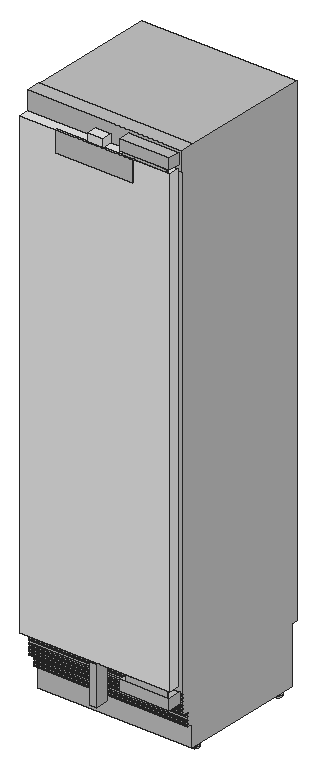
Revit family "FP_Revit_18_RS2484FRJ1_Freezer_90001057A", category Specialty Equipment, Revit 2018
Family settings
  Round Connector Dimension = Use Diameter
  Part Type = Normal
  OmniClass Number = 23.40.40.11.11
  OmniClass Title = Refrigerators and Freezers
  Work Plane-Based = No
  Always vertical = Yes
  Cut with Voids When Loaded = Yes
  Shared = No
  Room Calculation Point = No
Parameters (values of type "RS2484FRJ1")
  Visibility - Water Connection = yes
  Visibility - Visibility Control Note = yes
  Visibility - Clearance Required = yes
  URL = "www.fisherpaykel.com"
  Stainless Steel Door Panels (RD2484R4D) = no
  Product - Width = 603 mm  # constant formula
  Product - Height = 2134 mm  # constant formula
  Product - Depth (exl front panel) = 610 mm  # constant formula
  Model = "RS2484FRJ1"
  Material - Handle = Fisher & Paykel - Aluminium
  Material - Door Structure = Fisher & Paykel - White
  Material - Door Front = Fisher & Paykel - Stainless Steel
  Material - Body = Fisher & Paykel - Grey
  Manufacturer = "Fisher & Paykel Appliances"
  Handle Style - Professional Square (AHV2-RD84) = no
  Handle Style - Professional Round (AHC-RD84) = no
  Handle Style - Contemporary Square (AHD3-RD84) = no
  Handle Style - Contemporary Round (AHS-RD84) = no
  Description = "24\" Integrated Column Freezer with internal ice maker, white interior"
  Connector Description - Water = "1/4\" (6mm) comp. stainless steel braided hose"
  Connector Description - Electrical = "120 V, 10 amp fused electrical supply"
  Cavity - Width = 610 mm  # constant formula
  Cavity - Height = 2134 mm  # constant formula
  Cavity - Depth = 635 mm  # constant formula
Types (3, lengths in mm): name | Model | Description
  (no name) | "RS2484FRJ1" | "24\" Integrated Column Freezer with internal ice maker, white interior"
  RS2484FRJK1 | "RS2484FRJK1" | "24\" Integrated Column Freezer with internal ice maker, stainless steel interior"
  RS2484FRJ1 | "RS2484FRJ1" | "24\" Integrated Column Freezer with internal ice maker, white interior"
Reference planes
  plane 1 "Datum": y = 0
  plane 2: z = 0
  plane 3 "Center (Left/Right)": x = 0
  plane 4 "Product LHS": x = -301.5
  plane 5 "Product RHS": x = 301.5
  plane 6 "Product - Depth": y = 610
  plane 7 "Cavity LHS": x = -305
  plane 8 "Cavity RHS": x = 305
  plane 9 "Cavity - Depth": y = 612.9
  plane 10 "Handle Offset": x = -238.5
  plane 11 "Product Height": z = 2134
  plane 12 "Cavity Height": z = 2134
  plane 13 "Door Panel Datum": y = -4.1
Forms (mm)
  Extrusion 1, solid, material "Fisher & Paykel - Grey" <- "Material - Body", detail levels fine
    sketch origin (0, 0, 0) x (0, 1, 0) y (0, 0, 1)
      loop
        line (100.1, 19.1) -> (587.9, 19.1) -> (587.9, 239.7) -> (610, 239.7) -> (610, 2131.9) -> (105.1, 2131.9) -> (105.1, 2134) -> (49.9, 2134) -> (49.9, 2059) -> (56, 2059) -> (56, 228.6) -> (59.5, 228.6) -> (59.5, 219.7) -> (56.5, 219.7) -> (56.5, 215.9) -> (59.5, 215.9) -> (59.5, 207) -> (56.5, 207) -> (56.5, 203.2) -> (59.5, 203.2) -> (59.5, 194.3) -> (56.5, 194.3) -> (56.5, 190.5) -> (59.5, 190.5) -> (59.5, 181.6) -> (56.5, 181.6) -> (56.5, 177.8) -> (59.5, 177.8) -> (59.5, 168.9) -> (56.5, 168.9) -> (56.5, 165.1) -> (59.5, 165.1) -> (59.5, 156.2) -> (56.5, 156.2) -> (56.5, 152.4) -> (84.1, 152.4) -> (84.1, 143.5) -> (81.1, 143.5) -> (81.1, 139.7) -> (84.1, 139.7) -> (84.1, 130.8) -> (81.1, 130.8) -> (81.1, 127) -> (84.1, 127) -> (84.1, 118.1) -> (81.1, 118.1) -> (81.1, 114.3) -> (84.1, 114.3) -> (84.1, 105.4) -> (81.1, 105.4) -> (81.1, 101.6) -> (100.1, 101.6) -> (100.1, 19.1)
    from -301.5 to 301.5
  Extrusion 2, solid, material "Fisher & Paykel - Grey" <- "Material - Body"
    sketch origin (0, 0, 0) x (1, 0, 0) y (0, 1, 0)
      loop
        circle (-281, 547.8) r 4.1
      loop
        circle (-281, 141.8) r 4.1
      loop
        circle (281, 547.8) r 4.1
      loop
        circle (281, 141.8) r 4.1
    from 3 to 19.1
  Extrusion 3, solid, material "Fisher & Paykel - Grey" <- "Material - Body"
    sketch origin (0, 0, 0) x (1, 0, 0) y (0, 1, 0)
      loop
        circle (-281, 547.8) r 14.5
      loop
        circle (-281, 141.8) r 14.555
      loop
        circle (281, 547.8) r 14.5
      loop
        circle (281, 141.8) r 14.555
    from 0 to 3
  Extrusion 4, solid, material "Fisher & Paykel - Grey" <- "Material - Body", detail levels fine
    sketch origin (0, 0, 0) x (1, 0, 0) y (0, 1, 0)
      loop
        line (-7.5, 49) -> (-13.797, -4.1) -> (13.797, -4.1) -> (7.5, 49) -> (-7.5, 49)
    from 104.2 to 254.2
  Extrusion 5, solid, material "Fisher & Paykel - Grey" <- "Material - Body", detail levels fine
    sketch origin (0, 0, 0) x (1, 0, 0) y (0, 0, 1)
      loop
        line (289.9, 2123.15) -> (95.42, 2123.15) -> (95.42, 2081.05) -> (289.9, 2081.05) -> (289.9, 2123.15)
    from -49 to -2.5
  Extrusion 6, solid, material "Fisher & Paykel - Grey" <- "Material - Body", detail levels fine
    sketch origin (0, 0, 0) x (0, 1, 0) y (0, 0, 1)
      loop
        line (0, 2070.6) -> (0, 1988.6) -> (2, 1988.6) -> (2, 2068.6) -> (4, 2068.6) -> (4, 2070.6) -> (0, 2070.6)
    from -150 to 150
  Extrusion 7, solid, material "Fisher & Paykel - Grey" <- "Material - Body"
    sketch origin (0, 0, 0) x (1, 0, 0) y (0, 0, 1)
      loop
        circle (226.5, 119.813) r 5
      loop
        circle (-226.5, 119.813) r 5
    from -590 to -587.9
  Extrusion 8, solid, material "Fisher & Paykel - White" <- "Material - Door Structure"
    sketch origin (0, 0, 0) x (1, 0, 0) y (0, 1, 0)
      loop
        line (-276.5, 56) -> (-276.5, 42) -> (276.5, 42) -> (276.5, 56) -> (-276.5, 56)
    from 269.6 to 2030.7
  Extrusion 9, solid, material "Fisher & Paykel - White" <- "Material - Door Structure"
    sketch origin (0, 0, 0) x (1, 0, 0) y (0, 1, 0)
      loop
        line (-292.9, 42) -> (-292.9, 3) -> (292.9, 3) -> (292.9, 42) -> (-292.9, 42)
    from 254.2 to 2068.6
  Extrusion 10, solid, material "Fisher & Paykel - White" <- "Material - Door Structure", detail levels fine
    sketch origin (0, 0, 0) x (1, 0, 0) y (0, 0, 1)
      loop
        line (-29.5, 2100.1) -> (-29.5, 2068.6) -> (29.5, 2068.6) -> (29.5, 2100.1) -> (-29.5, 2100.1)
    from -42 to -3
  Extrusion 11, solid, material "Fisher & Paykel - Stainless Steel" <- "Material - Door Front", visible <- "Stainless Steel Door Panels (RD2484R4D)"
    sketch origin (0, 0, 0) x (0, 1, 0) y (0, 0, 1)
      loop
        line (-22.1, 2130.8) -> (-22.1, 102) -> (-4.1, 102) -> (-4.1, 2130.8) -> (-22.1, 2130.8)
    from -301.5 to 301.5
  Extrusion 12, solid, material "Fisher & Paykel - Grey" <- "Material - Body", detail levels coarse+medium
    sketch origin (0, 0, 0) x (0, 1, 0) y (0, 0, 1)
      loop
        line (49.9, 2134) -> (49.9, 2059) -> (56, 2059) -> (56, 152.4) -> (81.1, 152.4) -> (81.1, 101.6) -> (100.1, 101.6) -> (100.1, 19.1) -> (587.9, 19.1) -> (587.9, 239.7) -> (610, 239.7) -> (610, 2134) -> (49.9, 2134)
    from -301.5 to 301.5
  Extrusion 13, solid, material "Fisher & Paykel - Clearance Required", visible <- "Visibility - Clearance Required", detail levels coarse
    sketch origin (0, 0, 0) x (1, 0, 0) y (0, 1, 0)
      loop
        arc (-301.5, -22.1) -> (-13.376, -547.171) -> (584.28, -586.183) r 622.5
        line (584.28, -586.183) -> (565.051, -544.946) -> (589.549, -533.523)
        arc (589.549, -533.523) -> (598.013, -510.267) -> (574.757, -501.802) r 17.5
        line (574.757, -501.802) -> (550.259, -513.225) -> (329.441, -39.678)
        arc (329.441, -39.678) -> (310.616, -38.605) -> (301.5, -22.1) r 19.5
        line (301.5, -22.1) -> (-301.5, -22.1)
    from 0 to 2134
  Extrusion 14, solid, material "Fisher & Paykel - Grey" <- "Material - Body", detail levels fine
    sketch origin (0, 0, 0) x (1, 0, 0) y (0, 0, 1)
      loop
        line (289.9, 187.65) -> (289.9, 229.75) -> (95.42, 229.75) -> (95.42, 187.65) -> (289.9, 187.65)
    from -56 to -2.5
  Extrusion 15, solid, material "Fisher & Paykel - Grey" <- "Material - Body", detail levels fine
    sketch origin (0, 0, -4) x (0, 1, 0) y (0, 0, 1)
      loop
        arc (163.888, 23.1) -> (180.4, 13.63) -> (196.912, 23.1) r 19.13
        line (196.912, 23.1) -> (163.888, 23.1)
      loop
        arc (493.888, 23.1) -> (510.4, 13.63) -> (526.912, 23.1) r 19.13
        line (526.912, 23.1) -> (493.888, 23.1)
    from 191 to 219
  Extrusion 16, solid, material "Fisher & Paykel - Grey" <- "Material - Body", detail levels fine
    sketch origin (0, 0, -4) x (0, 1, 0) y (0, 0, -1)
      loop
        line (163.888, -23.1) -> (196.912, -23.1)
        arc (196.912, -23.1) -> (180.4, -13.63) -> (163.888, -23.1) r 19.13
      loop
        line (493.888, -23.1) -> (526.912, -23.1)
        arc (526.912, -23.1) -> (510.4, -13.63) -> (493.888, -23.1) r 19.13
    from 191 to 219
  Extrusion 17, solid, material "Fisher & Paykel - Clearance Required", visible <- "Visibility - Clearance Required", detail levels coarse
    sketch origin (0, 0, 0) x (1, 0, 0) y (0, 1, 0)
      loop
        line (-305, 612.9) -> (-305, -4.1) -> (305, -4.1) -> (305, 612.9) -> (-305, 612.9)
    from 0 to 2134
  Extrusion 18, void
    sketch origin (0, 0, 0) x (1, 0, 0) y (0, 1, 0)
      loop
        line (-305, 612.9) -> (-305, -22.1) -> (305, -22.1) -> (305, 612.9) -> (-305, 612.9)
    from 0 to 2134
  Extrusion 19, solid, material "Fisher & Paykel - Grey" <- "Material - Body", detail levels fine
    sketch origin (0, 0, 0) x (1, 0, 0) y (0, 0, 1)
      loop
        line (118.4, 254.2) -> (118.4, 229.75) -> (282.9, 229.75) -> (282.9, 254.2) -> (118.4, 254.2)
      loop
        line (106, 2081.05) -> (106, 2068.6) -> (282.9, 2068.6) -> (282.9, 2076.05) -> (242.9, 2081.05) -> (106, 2081.05)
    from -7 to -4
Lines and regions (mm)
  model lines, style "Fisher & Paykel"
    curve 1: line (-301.5, -4.1, 2130.8) -> (301.5, -4.1, 2130.8)
    curve 2: line (-301.5, -4.1, 102) -> (-301.5, -4.1, 2130.8)
    curve 3: line (301.5, -4.1, 102) -> (-301.5, -4.1, 102)
    curve 4: line (301.5, -4.1, 2130.8) -> (301.5, -4.1, 102)
Text (mm)
  text "Due to ongoing product development, product details are subject to change without notice. \nPlease always refer to www.fisherpaykel.com for the most current product information. \n© Fisher & Paykel 2020" at (41.04, -678.295, 0), in view "Ref. Level (Plan)"
Dimensions and locks
  equal spacing: plane 4 "Product LHS", plane 3 "Center (Left/Right)", plane 5 "Product RHS"
  "Product - Width": plane 4 "Product LHS" to plane 5 "Product RHS"
  "Product - Depth (exl front panel)": plane 1 "Datum" to plane 6 "Product - Depth"
  equal spacing: plane 7 "Cavity LHS", plane 3 "Center (Left/Right)", plane 8 "Cavity RHS"
  "Cavity - Width": plane 7 "Cavity LHS" to plane 8 "Cavity RHS"
  plane 4 "Product LHS" to Extrusion 2 sketch curve = 24.6 mm
  plane 4 "Product LHS" to plane 10 "Handle Offset" = 63 mm
  Extrusion 7 sketch curve to Extrusion 1 = 119.887 mm  (x2)
  Extrusion 7 sketch curve to plane 5 "Product RHS" = 75 mm
  plane 4 "Product LHS" to Extrusion 7 sketch curve = 75 mm
  Extrusion 1 sketch curve to Extrusion 1 sketch curve = 82.5 mm
  Extrusion 1 sketch curve to Extrusion 1 sketch curve = 209.5 mm
  Extrusion 3 to level = 3 mm
  Extrusion 12 to Extrusion 9 = 235.1 mm
  Extrusion 12 to Extrusion 8 = 250.5 mm
  Extrusion 12 to Extrusion 12 = 2114.9 mm
  Extrusion 12 to Extrusion 11 = 82.9 mm
  "Product - Height": level to plane 11 "Product Height"
  plane 11 "Product Height" to Extrusion 11 = 3.2 mm
  Extrusion 9 to plane 11 "Product Height" = 65.4 mm
  Extrusion 8 to plane 11 "Product Height" = 103.3 mm
  Extrusion 12 sketch curve to plane 11 "Product Height" = 75 mm
  Extrusion 1 sketch curve to plane 11 "Product Height" = 2.1 mm
  Extrusion 1 sketch curve to plane 11 "Product Height" = 75 mm
  "Cavity - Height": plane 12 "Cavity Height" to level
  plane 1 "Datum" to Extrusion 17 = 612.9 mm
  plane 1 "Datum" to Extrusion 18 = 612.9 mm
  Extrusion 19 sketch curve to Extrusion 19 sketch curve = 40 mm
  Extrusion 19 sketch curve to plane 3 "Center (Left/Right)" = 106 mm
  Extrusion 19 sketch curve to Extrusion 19 sketch curve = 176.9 mm
  Extrusion 19 sketch curve to plane 3 "Center (Left/Right)" = 118.4 mm
  plane 3 "Center (Left/Right)" to Extrusion 19 sketch curve = 282.9 mm
  Extrusion 18 to plane 1 "Datum" = 22.1 mm
  "Cavity - Depth": plane 9 "Cavity - Depth" to Extrusion 18
  radius of Extrusion 7 sketch curve = 5 mm
  aligned and locked: level to plane 2
  aligned and locked: Extrusion 11 to plane 5 "Product RHS"
  aligned and locked: plane 4 "Product LHS" to Extrusion 11
  aligned and locked: Extrusion 12 to plane 5 "Product RHS"
  aligned and locked: Extrusion 12 to plane 4 "Product LHS"
  aligned and locked: Extrusion 12 sketch curve to plane 11 "Product Height"
  aligned and locked: plane 11 "Product Height" to Extrusion 1 sketch curve
  aligned and locked: Extrusion 15 sketch curve to Extrusion 15 sketch curve
  aligned and locked: Extrusion 16 sketch curve to Extrusion 16 sketch curve
  aligned and locked: Extrusion 17 to Extrusion 13
  aligned and locked: Extrusion 18 to Extrusion 13
  aligned and locked: Extrusion 1 to plane 5 "Product RHS"
  aligned and locked: plane 4 "Product LHS" to Extrusion 1
  aligned and locked: Extrusion 2 to Extrusion 1
  aligned and locked: nested 5 to plane 10 "Handle Offset"
  aligned and locked: nested 4 to plane 10 "Handle Offset"
  aligned and locked: nested 3 to plane 10 "Handle Offset"
  aligned and locked: nested 2 to plane 10 "Handle Offset"
Automatic sketch dimensions
  Extrusion 2 sketch curve to plane 4 "Product LHS" = 20.5 mm  (x2)
  plane 5 "Product RHS" to Extrusion 2 sketch curve = 20.5 mm  (x2)
  Extrusion 2 sketch curve to plane 1 "Datum" = 141.8 mm  (x2)
  Extrusion 2 sketch curve to plane 6 "Product - Depth" = 62.2 mm  (x2)
  Extrusion 3 sketch curve to plane 4 "Product LHS" = 20.5 mm  (x2)
  plane 5 "Product RHS" to Extrusion 3 sketch curve = 20.5 mm  (x2)
  Extrusion 3 sketch curve to plane 1 "Datum" = 141.8 mm  (x2)
  Extrusion 3 sketch curve to plane 6 "Product - Depth" = 62.2 mm  (x2)
  plane 1 "Datum" to Extrusion 4 sketch curve = 4.1 mm
  Extrusion 4 sketch curve to plane 3 "Center (Left/Right)" = 13.797 mm
  Extrusion 4 sketch curve to plane 3 "Center (Left/Right)" = 7.5 mm
  plane 3 "Center (Left/Right)" to Extrusion 4 sketch curve = 7.5 mm
  plane 3 "Center (Left/Right)" to Extrusion 4 sketch curve = 13.797 mm
  Extrusion 4 sketch curve to plane 1 "Datum" = 49 mm
  plane 11 "Product Height" to Extrusion 5 sketch curve = 10.85 mm
  plane 3 "Center (Left/Right)" to Extrusion 5 sketch curve = 95.42 mm
  plane 5 "Product RHS" to Extrusion 5 sketch curve = 11.6 mm
  Extrusion 5 sketch curve to Extrusion 5 sketch curve = 42.1 mm
  Extrusion 6 sketch curve to plane 1 "Datum" = 0 mm
  Extrusion 6 sketch curve to plane 1 "Datum" = 2 mm
  Extrusion 6 sketch curve to Extrusion 6 sketch curve = 2 mm  (x2)
  plane 11 "Product Height" to Extrusion 6 sketch curve = 145.4 mm
  plane 11 "Product Height" to Extrusion 6 sketch curve = 65.4 mm
  Extrusion 8 sketch curve to plane 4 "Product LHS" = 25 mm
  plane 5 "Product RHS" to Extrusion 8 sketch curve = 25 mm
  Extrusion 8 sketch curve to plane 1 "Datum" = 42 mm
  Extrusion 8 sketch curve to Extrusion 8 sketch curve = 14 mm
  Extrusion 9 sketch curve to plane 1 "Datum" = 3 mm
  Extrusion 9 sketch curve to plane 4 "Product LHS" = 8.6 mm
  plane 5 "Product RHS" to Extrusion 9 sketch curve = 8.6 mm
  Extrusion 9 sketch curve to Extrusion 9 sketch curve = 39 mm
  Extrusion 10 sketch curve to plane 3 "Center (Left/Right)" = 29.5 mm
  plane 3 "Center (Left/Right)" to Extrusion 10 sketch curve = 29.5 mm
  plane 11 "Product Height" to Extrusion 10 sketch curve = 65.4 mm
  Extrusion 10 sketch curve to Extrusion 10 sketch curve = 31.5 mm
  plane 1 "Datum" to Extrusion 11 sketch curve = 22.1 mm
  plane 1 "Datum" to Extrusion 11 sketch curve = 4.1 mm
  level to Extrusion 11 sketch curve = 102 mm
  plane 11 "Product Height" to Extrusion 11 sketch curve = 3.2 mm
  Extrusion 13 sketch curve to Extrusion 13 sketch curve = 0 mm  (x2)
  Extrusion 13 sketch curve to plane 4 "Product LHS" = 0 mm
  Extrusion 13 sketch curve to plane 5 "Product RHS" = 0 mm
  Extrusion 13 sketch curve to plane 8 "Cavity RHS" = 16 mm
  Extrusion 13 sketch curve to Extrusion 13 sketch curve = 8.441 mm
  Extrusion 13 sketch curve to plane 8 "Cavity RHS" = 245.259 mm
  Extrusion 13 sketch curve to Extrusion 13 sketch curve = 14.792 mm
  Extrusion 13 sketch curve to Extrusion 13 sketch curve = 24.498 mm
  Extrusion 13 sketch curve to Extrusion 13 sketch curve = 7.396 mm  (x2)
  Extrusion 13 sketch curve to Extrusion 13 sketch curve = 19.229 mm
  plane 1 "Datum" to Extrusion 13 sketch curve = 586.183 mm
  Extrusion 13 sketch curve to Extrusion 13 sketch curve = 41.237 mm
  Extrusion 13 sketch curve to Extrusion 13 sketch curve = 15.86 mm
  plane 3 "Center (Left/Right)" to Extrusion 14 sketch curve = 95.42 mm
  plane 5 "Product RHS" to Extrusion 14 sketch curve = 11.6 mm
  level to Extrusion 14 sketch curve = 187.65 mm
  Extrusion 14 sketch curve to Extrusion 14 sketch curve = 42.1 mm
  Extrusion 15 sketch curve to plane 1 "Datum" = 163.888 mm
  Extrusion 15 sketch curve to Extrusion 15 sketch curve = 16.512 mm  (x2)
  Extrusion 15 sketch curve to plane 6 "Product - Depth" = 116.112 mm
  Extrusion 15 sketch curve to Extrusion 15 sketch curve = 9.66 mm  (x2)
  Extrusion 16 sketch curve to plane 1 "Datum" = 163.888 mm
  Extrusion 16 sketch curve to Extrusion 16 sketch curve = 16.512 mm  (x2)
  Extrusion 16 sketch curve to plane 6 "Product - Depth" = 116.112 mm
  Extrusion 16 sketch curve to Extrusion 16 sketch curve = 9.66 mm  (x2)
  Extrusion 17 sketch curve to plane 7 "Cavity LHS" = 0 mm
  Extrusion 17 sketch curve to plane 8 "Cavity RHS" = 0 mm
  Extrusion 17 sketch curve to plane 9 "Cavity - Depth" = 0 mm
  plane 1 "Datum" to Extrusion 17 sketch curve = 4.1 mm
  Extrusion 18 sketch curve to plane 7 "Cavity LHS" = 0 mm
  Extrusion 18 sketch curve to plane 8 "Cavity RHS" = 0 mm
  plane 9 "Cavity - Depth" to Extrusion 18 sketch curve = 0 mm
  plane 1 "Datum" to Extrusion 18 sketch curve = 22.1 mm
  level to Extrusion 19 sketch curve = 229.75 mm
  Extrusion 19 sketch curve to Extrusion 19 sketch curve = 24.45 mm
  plane 11 "Product Height" to Extrusion 19 sketch curve = 65.4 mm
  Extrusion 19 sketch curve to Extrusion 19 sketch curve = 7.45 mm
  Extrusion 19 sketch curve to Extrusion 19 sketch curve = 5 mm
  Extrusion 12 sketch curve to plane 6 "Product - Depth" = 0 mm
  Extrusion 12 sketch curve to plane 6 "Product - Depth" = 22.1 mm
  Extrusion 12 sketch curve to plane 1 "Datum" = 100.1 mm
  Extrusion 12 sketch curve to Extrusion 12 sketch curve = 19 mm
  Extrusion 12 sketch curve to plane 1 "Datum" = 56 mm
  Extrusion 12 sketch curve to plane 1 "Datum" = 49.9 mm
  level to Extrusion 12 sketch curve = 152.4 mm
  Extrusion 12 sketch curve to Extrusion 12 sketch curve = 50.8 mm
  level to Extrusion 12 sketch curve = 19.1 mm
  Extrusion 12 sketch curve to Extrusion 12 sketch curve = 220.6 mm
  level to Extrusion 15 sketch curve = 19.1 mm
  level to Extrusion 16 sketch curve = 28.76 mm
  Extrusion 1 sketch curve to plane 6 "Product - Depth" = 0 mm
  Extrusion 1 sketch curve to Extrusion 1 sketch curve = 22.1 mm
  Extrusion 1 sketch curve to plane 1 "Datum" = 105.1 mm
  level to Extrusion 1 sketch curve = 19.1 mm
  Extrusion 1 sketch curve to plane 1 "Datum" = 100.1 mm
  Extrusion 1 sketch curve to Extrusion 1 sketch curve = 16 mm
  Extrusion 1 sketch curve to Extrusion 1 sketch curve = 0 mm  (x8)
  Extrusion 1 sketch curve to Extrusion 1 sketch curve = 3 mm  (x10)
  Extrusion 1 sketch curve to plane 1 "Datum" = 59.5 mm
  Extrusion 1 sketch curve to plane 1 "Datum" = 56 mm
  Extrusion 1 sketch curve to plane 1 "Datum" = 49.9 mm
  Extrusion 1 sketch curve to Extrusion 1 sketch curve = 3.8 mm  (x10)
  Extrusion 1 sketch curve to Extrusion 1 sketch curve = 8.9 mm  (x9)
  Extrusion 1 sketch curve to Extrusion 1 sketch curve = 220.6 mm
  plane 5 "Product RHS" to curve 1 = 0 mm
  plane 4 "Product LHS" to curve 3 = 0 mm
  level to curve 3 = 102 mm
  plane 11 "Product Height" to curve 2 = 3.2 mm
  radius of Extrusion 2 sketch curve = 4.1 mm  (x3)
  radius of Extrusion 3 sketch curve = 14.5 mm  (x2)
  radius of Extrusion 3 sketch curve = 14.555 mm  (x2)
  radius of Extrusion 7 sketch curve = 5 mm
Nested families
  nested 1: "Visibility Control Note 18" at (0, 0, 0), visible <- "Visibility - Visibility Control Note", type "Visibility Control Note 18"
  nested 2: "Handle Contemporary Round - Vertical" at (-238.5, -22.1, 1242.58), visible <- "Handle Style - Contemporary Round (AHS-RD84)", type "AHS-RD84 - Contemporary round handle (Vertical) 852mm"
  nested 3: "Handle Contemporary Square - Vertical" at (-238.5, -22.1, 1242.58), visible <- "Handle Style - Contemporary Square (AHD3-RD84)", type "AHD3-RD84 - Contemporary square handle (Vertical) 852mm"
  nested 4: "Handle Professional Round - Vertical" at (-238.5, -22.1, 1242.58), visible <- "Handle Style - Professional Round (AHC-RD84)", type "AHC-RD84 - Professional round handle (Vertical) 786mm"
  nested 5: "Handle Professional Square - Vertical" at (-238.5, -22.1, 1242.58), visible <- "Handle Style - Professional Square (AHV2-RD84)", type "AHV2-RD84 - Professional square handle (Vertical) 792mm"
Connectors
  electrical at (-226.5, 590, 119.813), driven by "Connector Description - Electrical"
    settings: on Extrusion 7, index 1, voltage 120 V, apparent load 0 VA, apparent load phase1 0 VA, apparent load phase2 0 VA, apparent load phase3 0 VA, power factor 1, load classification "Other", number of poles 1, system type 30, power factor state 1, is connector primary yes, connector utility no, sub classification motor no, connector description "120 V, 10 amp fused electrical supply"
  piping at (226.5, 590, 119.813), diameter 12.7, driven by "Visibility - Water Connection", driven by "Connector Description - Water"
    settings: on Extrusion 7, index 2, connector inside diameter 609.6 mm, connector length 0 mm, flow factor 0, pipe flow 0.0 L/s, pressure drop 0.0 Pa, fitting loss kfactor 0, connector angle 0.00°, fixture units 0, engagement length 0 mm, angle of deflection 0.00°, flow configuration 0, flow direction 1, fitting loss method 0, system type 20, joint type 0, gender type 0, connector reference index -1, connector utility 1, adjustable connector no, is connector primary yes, connector description "1/4\" (6mm) comp. stainless steel braided hose"
Definition of nested family "Handle Contemporary Round - Vertical"
  Parameters (values of type "AHSRS80A - Contemporary round handle (1 of 2) (Vertical) 727mm")
    URL = "www.fisherpaykel.com"
    Material - Handle = none
    Manufacturer = "Fisher & Paykel Appliances"
    Handle - Length = 727 mm
  Types (6, lengths in mm): name | Handle - Length
    AHS-RD21 - Contemporary round handle (Vertical) 852mm | 852
    AHSRD2484W - Contemporary round handle (1 of 2) (Vertical) 727mm | 727
    AHSRD3084W - Contemporary round handle (1 of 2) (Vertical) 727mm | 727
    AHS-RD84 - Contemporary round handle (Vertical) 852mm | 852
    AHSRS3272A - Contemporary round handle (1 of 2) (Vertical) 727mm | 727
    AHSRS80A - Contemporary round handle (1 of 2) (Vertical) 727mm | 727
  Reference planes
    plane 1 "Center (Front/Back)": y = 0
    plane 2: z = 0
    plane 3 "Center (Left/Right)": x = 0
    plane 4 "Top": z = 363.5
    plane 5 "Bottom": z = -363.5
    plane 6 "Top Standoff": z = 243.5
    plane 7 "Bottom Standoff": z = -243.5
  Forms (mm)
    Extrusion 1, solid, material <- "Material - Handle"
      sketch origin (0, 0, 0) x (1, 0, 0) y (0, 1, 0)
        loop
          circle (0, -32.3) r 8.7
      from -243.5 to 243.5
    Extrusion 2, solid, material <- "Material - Handle", detail levels fine
      sketch origin (0, 0, 0) x (1, 0, 0) y (0, 1, 0)
        loop
          line (-8.7, 0) -> (-8.7, -32.3)
          arc (-8.7, -32.3) -> (0, -41) -> (8.7, -32.3) r 8.7
          line (8.7, -32.3) -> (8.7, 0) -> (-8.7, 0)
      from 243.5 to 363.5
    Extrusion 3, solid, material <- "Material - Handle", detail levels fine
      sketch origin (0, 0, 0) x (1, 0, 0) y (0, 1, 0)
        loop
          line (-8.7, 0) -> (-8.7, -32.3)
          arc (-8.7, -32.3) -> (0, -41) -> (8.7, -32.3) r 8.7
          line (8.7, -32.3) -> (8.7, 0) -> (-8.7, 0)
      from -363.5 to -243.5
    Sweep 4, void
      path in 3D
        loop
          line (8.7, 0, -363.5) -> (8.7, -32.3, -363.5)
          arc (8.7, -32.3, -363.5) -> (0, -41, -363.5) -> (-8.7, -32.3, -363.5) r 8.7
          line (-8.7, -32.3, -363.5) -> (-8.7, 0, -363.5)
      profile origin (8.7, -16.15, -363.5) x (-1, 0, 0) y (0, 0, -1)
        loop
          line (0, 0) -> (0, -1) -> (1, 0) -> (0, 0)
    Sweep 5, void
      path in 3D
        loop
          line (-8.7, 0, 363.5) -> (-8.7, -32.3, 363.5)
          arc (-8.7, -32.3, 363.5) -> (0, -41, 363.5) -> (8.7, -32.3, 363.5) r 8.7
          line (8.7, -32.3, 363.5) -> (8.7, 0, 363.5)
      profile origin (8.7, -16.15, 363.5) x (-1, 0, 0) y (0, 0, 1)
        loop
          line (0, 0) -> (0, -1) -> (1, 0) -> (0, 0)
    Extrusion 6, solid, material <- "Material - Handle", detail levels coarse+medium
      sketch origin (0, 0, 0) x (1, 0, 0) y (0, 1, 0)
        loop
          line (-8.7, 0) -> (-8.7, -32.3)
          arc (-8.7, -32.3) -> (0, -41) -> (8.7, -32.3) r 8.7
          line (8.7, -32.3) -> (8.7, 0) -> (-8.7, 0)
      from 243.5 to 363.5
    Extrusion 7, solid, material <- "Material - Handle", detail levels coarse+medium
      sketch origin (0, 0, 0) x (1, 0, 0) y (0, 1, 0)
        loop
          line (-8.7, 0) -> (-8.7, -32.3)
          arc (-8.7, -32.3) -> (0, -41) -> (8.7, -32.3) r 8.7
          line (8.7, -32.3) -> (8.7, 0) -> (-8.7, 0)
      from -363.5 to -243.5
  Cuts and joins
    Sweep 4 cuts Extrusion 3
    Sweep 5 cuts Extrusion 2
  Lines and regions (mm)
    sketch lines
      curve 1: line (8.7, 0, -363.5) -> (8.7, -32.3, -363.5)
      curve 2: arc (-8.7, -32.3, -363.5) -> (0, -41, -363.5) -> (8.7, -32.3, -363.5) r 8.7
      curve 3: line (-8.7, -32.3, -363.5) -> (-8.7, 0, -363.5)
      curve 4: line (8.7, -32.3, 363.5) -> (8.7, 0, 363.5)
      curve 5: arc (8.7, -32.3, 363.5) -> (0, -41, 363.5) -> (-8.7, -32.3, 363.5) r 8.7
      curve 6: line (-8.7, 0, 363.5) -> (-8.7, -32.3, 363.5)
  Dimensions and locks
    equal spacing: plane 4 "Top", level, plane 5 "Bottom"
    "Handle - Length": plane 4 "Top" to plane 5 "Bottom"
    locked: plane 4 "Top" to plane 6 "Top Standoff" at 120
    locked: plane 7 "Bottom Standoff" to plane 5 "Bottom" at 120
    Extrusion 2 sketch curve to Extrusion 2 sketch curve = 17.4 mm
    Extrusion 3 sketch curve to Extrusion 3 sketch curve = 17.4 mm
    Extrusion 6 sketch curve to Extrusion 6 sketch curve = 17.4 mm
    Extrusion 7 sketch curve to Extrusion 7 sketch curve = 17.4 mm
    aligned and locked: level to plane 2
    aligned and locked: plane 4 "Top" to Extrusion 2
    aligned and locked: Extrusion 3 to plane 5 "Bottom"
    aligned and locked: plane 7 "Bottom Standoff" to Extrusion 3
    aligned and locked: Extrusion 1 to plane 7 "Bottom Standoff"
    aligned and locked: plane 6 "Top Standoff" to Extrusion 1
    aligned and locked: Extrusion 2 to Extrusion 1
    aligned and locked: Extrusion 6 to Extrusion 1
    aligned and locked: plane 4 "Top" to Extrusion 6
    aligned and locked: Extrusion 7 to Extrusion 1
    aligned and locked: Extrusion 7 to plane 5 "Bottom"
  Automatic sketch dimensions
    Extrusion 1 sketch curve to plane 3 "Center (Left/Right)" = 0 mm
    plane 1 "Center (Front/Back)" to Extrusion 1 sketch curve = 32.3 mm
    plane 1 "Center (Front/Back)" to Extrusion 2 sketch curve = 0 mm
    Extrusion 2 sketch curve to plane 3 "Center (Left/Right)" = 0 mm
    Extrusion 2 sketch curve to plane 3 "Center (Left/Right)" = 8.7 mm
    plane 1 "Center (Front/Back)" to Extrusion 2 sketch curve = 32.3 mm
    plane 1 "Center (Front/Back)" to Extrusion 3 sketch curve = 0 mm
    Extrusion 3 sketch curve to plane 3 "Center (Left/Right)" = 0 mm
    Extrusion 3 sketch curve to plane 3 "Center (Left/Right)" = 8.7 mm
    plane 1 "Center (Front/Back)" to Extrusion 3 sketch curve = 32.3 mm
    Sweep 4 sketch curve to profile plane = 0 mm  (x2)
    Sweep 4 sketch curve to profile plane = 1 mm  (x2)
    Sweep 5 sketch curve to profile plane = 0 mm  (x2)
    Sweep 5 sketch curve to profile plane = 1 mm  (x2)
    Extrusion 6 sketch curve to plane 3 "Center (Left/Right)" = 0 mm
    Extrusion 6 sketch curve to plane 3 "Center (Left/Right)" = 8.7 mm
    plane 1 "Center (Front/Back)" to Extrusion 6 sketch curve = 32.3 mm
    Extrusion 6 sketch curve to Extrusion 6 sketch curve = 32.3 mm
    Extrusion 7 sketch curve to plane 3 "Center (Left/Right)" = 0 mm
    Extrusion 7 sketch curve to plane 3 "Center (Left/Right)" = 8.7 mm
    plane 1 "Center (Front/Back)" to Extrusion 7 sketch curve = 32.3 mm
    Extrusion 7 sketch curve to Extrusion 7 sketch curve = 32.3 mm
    radius of Extrusion 1 sketch curve = 8.7 mm
Definition of nested family "Handle Contemporary Square - Vertical"
  Parameters (values of type "AHD3RS80A - Contemporary square handle (1 of 2) (Vertical) 727mm")
    URL = "www.fisherpaykel.com"
    Material - Handle = none
    Manufacturer = "Fisher & Paykel Appliances"
    Handle - Length = 727 mm
  Types (7, lengths in mm): name | Handle - Length
    (no name) | 727
    AHD3-RD21 - Contemporary square handle (Vertical) 852mm | 852
    AHD3RD2484W - Contemporary square handle (1 of 2) (Vertical) 727mm | 727
    AHD3RD3084W - Contemporary square handle (1 of 2) (Vertical) 727mm | 727
    AHD3-RD84 - Contemporary square handle (Vertical) 852mm | 852
    AHD3RS3272A - Contemporary square handle (1 of 2) (Vertical) 727mm | 727
    AHD3RS80A - Contemporary square handle (1 of 2) (Vertical) 727mm | 727
  Reference planes
    plane 1 "Center (Front/Back)": y = 0
    plane 2: z = 0
    plane 3 "Center (Left/Right)": x = 0
    plane 4 "Top": z = 363.5
    plane 5 "Bottom": z = -363.5
    plane 6 "Top Standoff": z = 243.5
    plane 7 "Bottom Standoff": z = -243.5
  Forms (mm)
    Extrusion 1, solid, material <- "Material - Handle", detail levels fine
      sketch origin (0, 0, 0) x (1, 0, 0) y (0, 1, 0)
        loop
          arc (-7.583, -28.701) -> (-7.89, -29.057) -> (-8, -29.514) r 1
          line (-8, -29.514) -> (-8, -40.5)
          arc (-8, -40.5) -> (-7.561, -41.561) -> (-6.5, -42) r 1.5
          line (-6.5, -42) -> (6.5, -42)
          arc (6.5, -42) -> (7.561, -41.561) -> (8, -40.5) r 1.5
          line (8, -40.5) -> (8, -29.487)
          arc (8, -29.487) -> (7.889, -29.029) -> (7.58, -28.673) r 1
          arc (7.58, -28.673) -> (-0.006, -26.256) -> (-7.583, -28.701) r 13.038
      from -363.5 to 363.5
    Extrusion 2, solid, material <- "Material - Handle", detail levels fine
      sketch origin (0, 0, 0) x (1, 0, 0) y (0, 1, 0)
        loop
          arc (7.058, -28.23) -> (7.466, -28.244) -> (7.674, -27.893) r 0.4
          line (7.674, -27.893) -> (7.674, 0) -> (-7.674, 0) -> (-7.674, -27.86)
          arc (-7.674, -27.86) -> (-7.467, -28.21) -> (-7.06, -28.198) r 0.4
          arc (-7.06, -28.198) -> (0.004, -26.156) -> (7.058, -28.23) r 13.136
      from 243.5 to 363.5
    Extrusion 3, solid, material <- "Material - Handle", detail levels fine
      sketch origin (0, 0, 0) x (1, 0, 0) y (0, 1, 0)
        loop
          arc (7.058, -28.23) -> (7.466, -28.244) -> (7.674, -27.893) r 0.4
          line (7.674, -27.893) -> (7.674, 0) -> (-7.674, 0) -> (-7.674, -27.86)
          arc (-7.674, -27.86) -> (-7.467, -28.21) -> (-7.06, -28.198) r 0.4
          arc (-7.06, -28.198) -> (0.004, -26.156) -> (7.058, -28.23) r 13.136
      from -363.5 to -243.5
    Sweep 4, void
      path in 3D
        loop
          line (-8, -29.514, 363.5) -> (-8, -40.5, 363.5)
          arc (-8, -40.5, 363.5) -> (-7.561, -41.561, 363.5) -> (-6.5, -42, 363.5) r 1.5
          line (-6.5, -42, 363.5) -> (6.5, -42, 363.5)
          arc (6.5, -42, 363.5) -> (7.561, -41.561, 363.5) -> (8, -40.5, 363.5) r 1.5
          line (8, -40.5, 363.5) -> (8, -29.487, 363.5)
      profile origin (8, -34.994, 363.5) x (-1, 0, 0) y (0, 0, 1)
        loop
          line (0, 0) -> (0, -1.3) -> (1.3, 0) -> (0, 0)
    Sweep 5, void
      path in 3D
        loop
          line (8, -29.487, -363.5) -> (8, -40.5, -363.5)
          arc (8, -40.5, -363.5) -> (7.561, -41.561, -363.5) -> (6.5, -42, -363.5) r 1.5
          line (6.5, -42, -363.5) -> (-6.5, -42, -363.5)
          arc (-6.5, -42, -363.5) -> (-7.561, -41.561, -363.5) -> (-8, -40.5, -363.5) r 1.5
          line (-8, -40.5, -363.5) -> (-8, -29.514, -363.5)
      profile origin (8, -34.994, -363.5) x (-1, 0, 0) y (0, 0, -1)
        loop
          line (0, 0) -> (0, -1.3) -> (1.3, 0) -> (0, 0)
    Extrusion 6, void
      sketch origin (0, 0, 0) x (1, 0, 0) y (0, 0, 1)
        loop
          line (-8, -362.2) -> (-8, -363.5) -> (-6.7, -363.5) -> (-8, -362.2)
        loop
          line (8, -362.2) -> (6.7, -363.5) -> (8, -363.5) -> (8, -362.2)
      from 0 to 40
    Extrusion 7, void
      sketch origin (0, 0, 0) x (1, 0, 0) y (0, 0, 1)
        loop
          line (-8, 363.5) -> (-8, 362.2) -> (-6.7, 363.5) -> (-8, 363.5)
        loop
          line (8, 363.5) -> (6.7, 363.5) -> (8, 362.2) -> (8, 363.5)
      from 0 to 40
    Extrusion 8, solid, material <- "Material - Handle", detail levels coarse+medium
      sketch origin (0, 0, 0) x (0, 1, 0) y (0, 0, 1)
        loop
          line (0, 363.5) -> (-42, 363.5) -> (-42, -363.5) -> (0, -363.5) -> (0, -243.5) -> (-26.245, -243.5) -> (-26.245, 243.5) -> (0, 243.5) -> (0, 363.5)
      from -8 to 8
  Cuts and joins
    Sweep 4, Sweep 5, Extrusion 6, Extrusion 7 cuts Extrusion 1
    Extrusion 6 cuts Extrusion 3
    Extrusion 7 cuts Extrusion 2
  Lines and regions (mm)
    sketch lines
      curve 1: line (8, -40.5, 363.5) -> (8, -29.487, 363.5)
      curve 2: arc (8, -40.5, 363.5) -> (7.561, -41.561, 363.5) -> (6.5, -42, 363.5) r 1.5
      curve 3: line (-6.5, -42, 363.5) -> (6.5, -42, 363.5)
      curve 4: arc (-6.5, -42, 363.5) -> (-7.561, -41.561, 363.5) -> (-8, -40.5, 363.5) r 1.5
      curve 5: line (-8, -29.514, 363.5) -> (-8, -40.5, 363.5)
      curve 6: line (8, -29.487, -363.5) -> (8, -40.5, -363.5)
      curve 7: arc (6.5, -42, -363.5) -> (7.561, -41.561, -363.5) -> (8, -40.5, -363.5) r 1.5
      curve 8: line (6.5, -42, -363.5) -> (-6.5, -42, -363.5)
      curve 9: arc (-8, -40.5, -363.5) -> (-7.561, -41.561, -363.5) -> (-6.5, -42, -363.5) r 1.5
      curve 10: line (-8, -40.5, -363.5) -> (-8, -29.514, -363.5)
  Dimensions and locks
    equal spacing: plane 4 "Top", level, plane 5 "Bottom"
    "Handle - Length": plane 4 "Top" to plane 5 "Bottom"
    locked: plane 4 "Top" to plane 6 "Top Standoff" at 120
    locked: plane 7 "Bottom Standoff" to plane 5 "Bottom" at 120
    aligned and locked: level to plane 2
    aligned and locked: plane 4 "Top" to Extrusion 2
    aligned and locked: Extrusion 2 to plane 6 "Top Standoff"
    aligned and locked: plane 4 "Top" to Extrusion 1
    aligned and locked: Extrusion 1 to plane 5 "Bottom"
    aligned and locked: Extrusion 3 to plane 5 "Bottom"
    aligned and locked: plane 7 "Bottom Standoff" to Extrusion 3
    aligned and locked: plane 4 "Top" to Extrusion 8 sketch curve
    aligned and locked: plane 6 "Top Standoff" to Extrusion 8 sketch curve
    aligned and locked: plane 7 "Bottom Standoff" to Extrusion 8 sketch curve
    aligned and locked: plane 5 "Bottom" to Extrusion 8 sketch curve
    aligned and locked: plane 1 "Center (Front/Back)" to Extrusion 8 sketch curve  (x2)
  Automatic sketch dimensions
    Extrusion 1 sketch curve to plane 3 "Center (Left/Right)" = 8 mm
    Extrusion 1 sketch curve to Extrusion 1 sketch curve = 1 mm  (x2)
    Extrusion 1 sketch curve to Extrusion 1 sketch curve = 1.5 mm
    plane 3 "Center (Left/Right)" to Extrusion 1 sketch curve = 0.018 mm
    plane 3 "Center (Left/Right)" to Extrusion 1 sketch curve = 6.5 mm
    plane 3 "Center (Left/Right)" to Extrusion 1 sketch curve = 7 mm
    plane 1 "Center (Front/Back)" to Extrusion 1 sketch curve = 42 mm
    Extrusion 1 sketch curve to Extrusion 1 sketch curve = 1.206 mm
    Extrusion 1 sketch curve to Extrusion 1 sketch curve = 10.986 mm
    Extrusion 1 sketch curve to Extrusion 1 sketch curve = 11.013 mm
    Extrusion 1 sketch curve to Extrusion 1 sketch curve = 0 mm
    plane 1 "Center (Front/Back)" to Extrusion 2 sketch curve = 0 mm
    Extrusion 2 sketch curve to plane 3 "Center (Left/Right)" = 7.674 mm
    Extrusion 2 sketch curve to Extrusion 2 sketch curve = 0.4 mm  (x2)
    Extrusion 2 sketch curve to plane 3 "Center (Left/Right)" = 0.026 mm
    plane 3 "Center (Left/Right)" to Extrusion 2 sketch curve = 7.274 mm
    plane 1 "Center (Front/Back)" to Extrusion 2 sketch curve = 27.86 mm
    Extrusion 2 sketch curve to Extrusion 2 sketch curve = 0.033 mm
    Extrusion 2 sketch curve to Extrusion 2 sketch curve = 11.398 mm
    Extrusion 2 sketch curve to Extrusion 2 sketch curve = 0 mm
    plane 1 "Center (Front/Back)" to Extrusion 3 sketch curve = 0 mm
    Extrusion 3 sketch curve to Extrusion 3 sketch curve = 0.4 mm  (x2)
    Extrusion 3 sketch curve to Extrusion 3 sketch curve = 7.248 mm
    Extrusion 3 sketch curve to Extrusion 3 sketch curve = 7.3 mm
    plane 1 "Center (Front/Back)" to Extrusion 3 sketch curve = 27.86 mm
    Extrusion 3 sketch curve to Extrusion 3 sketch curve = 0.033 mm
    Extrusion 3 sketch curve to Extrusion 3 sketch curve = 11.398 mm
    Extrusion 3 sketch curve to Extrusion 3 sketch curve = 0 mm
    Sweep 4 sketch curve to profile plane = 0 mm  (x2)
    Sweep 4 sketch curve to profile plane = 1.3 mm  (x2)
    Sweep 5 sketch curve to profile plane = 0 mm  (x2)
    Sweep 5 sketch curve to profile plane = 1.3 mm  (x2)
    Extrusion 6 sketch curve to plane 5 "Bottom" = 0 mm  (x2)
    plane 5 "Bottom" to Extrusion 6 sketch curve = 1.3 mm  (x2)
    Extrusion 6 sketch curve to plane 3 "Center (Left/Right)" = 8 mm
    Extrusion 6 sketch curve to Extrusion 6 sketch curve = 1.3 mm  (x2)
    plane 3 "Center (Left/Right)" to Extrusion 6 sketch curve = 8 mm
    Extrusion 7 sketch curve to plane 4 "Top" = 0 mm  (x2)
    Extrusion 7 sketch curve to plane 3 "Center (Left/Right)" = 8 mm
    Extrusion 7 sketch curve to Extrusion 7 sketch curve = 1.3 mm  (x2)
    plane 3 "Center (Left/Right)" to Extrusion 7 sketch curve = 8 mm
    Extrusion 7 sketch curve to plane 4 "Top" = 1.3 mm  (x2)
    plane 1 "Center (Front/Back)" to Extrusion 8 sketch curve = 26.245 mm
    plane 1 "Center (Front/Back)" to Extrusion 8 sketch curve = 42 mm
    Extrusion 3 sketch curve to plane 3 "Center (Left/Right)" = 7.674 mm
Definition of nested family "Handle Professional Round - Vertical"
  Parameters (values of type "AHCRD2484W - Professional round handle (1 of 2) (Vertical) 661mm")
    URL = "www.fisherpaykel.com"
    Material - Standoff = none
    Material - Handle = none
    Manufacturer = "Fisher & Paykel Appliances"
    Handle - Length = 661 mm
  Types (5, lengths in mm): name | Handle - Length
    (no name) | 661
    AHCRD2484W - Professional round handle (1 of 2) (Vertical) 661mm | 661
    AHCRD3084W - Professional round handle (1 of 2) (Vertical) 661mm | 661
    AHC-RD84 - Professional round handle (Vertical) 786mm | 786
    AHCRS3272A - Professional round handle (1 of 2) (Vertical) 661mm | 661
  Reference planes
    plane 1 "Center (Front/Back)": y = 0
    plane 2: z = 0
    plane 3 "Center (Left/Right)": x = 0
    plane 4 "Top": z = 330.5
    plane 5 "Bottom": z = -330.5
    plane 6 "Top Standoff": z = 286.5
    plane 7 "Bottom Standoff": z = -286.5
  Forms (mm)
    Extrusion 1, solid, material <- "Material - Standoff", detail levels fine
      sketch origin (0, 0, 0) x (1, 0, 0) y (0, 1, 0)
        loop
          line (-18.5, 0) -> (-18.5, -39.4)
          arc (-18.5, -39.4) -> (0, -57.9) -> (18.5, -39.4) r 18.5
          line (18.5, -39.4) -> (18.5, 0) -> (-18.5, 0)
      from 286.5 to 330.5
    Extrusion 2, solid, material <- "Material - Standoff", detail levels fine
      sketch origin (0, 0, 0) x (1, 0, 0) y (0, 1, 0)
        loop
          line (-18.5, 0) -> (-18.5, -39.4)
          arc (-18.5, -39.4) -> (0, -57.9) -> (18.5, -39.4) r 18.5
          line (18.5, -39.4) -> (18.5, 0) -> (-18.5, 0)
      from -330.5 to -286.5
    Extrusion 3, solid, material <- "Material - Handle"
      sketch origin (0, 0, 0) x (1, 0, 0) y (0, 1, 0)
        loop
          circle (0, -39.4) r 12.7
      from -286.5 to 286.5
    Sweep 4, void
      path in 3D
        loop
          line (-18.5, 0, 330.5) -> (-18.5, -39.4, 330.5)
          arc (-18.5, -39.4, 330.5) -> (0, -57.9, 330.5) -> (18.5, -39.4, 330.5) r 18.5
          line (18.5, -39.4, 330.5) -> (18.5, 0, 330.5)
      profile origin (18.5, -19.7, 330.5) x (-1, 0, 0) y (0, 0, 1)
        loop
          line (0, 0) -> (0, -3) -> (3, 0) -> (0, 0)
    Sweep 5, void
      path in 3D
        loop
          line (18.5, 0, -330.5) -> (18.5, -39.4, -330.5)
          arc (18.5, -39.4, -330.5) -> (0, -57.9, -330.5) -> (-18.5, -39.4, -330.5) r 18.5
          line (-18.5, -39.4, -330.5) -> (-18.5, 0, -330.5)
      profile origin (18.5, -19.7, -330.5) x (-1, 0, 0) y (0, 0, -1)
        loop
          line (0, 0) -> (0, -3) -> (3, 0) -> (0, 0)
    Extrusion 6, solid, material <- "Material - Standoff", detail levels coarse+medium
      sketch origin (0, 0, 0) x (1, 0, 0) y (0, 1, 0)
        loop
          line (-18.5, 0) -> (-18.5, -39.4)
          arc (-18.5, -39.4) -> (0, -57.9) -> (18.5, -39.4) r 18.5
          line (18.5, -39.4) -> (18.5, 0) -> (-18.5, 0)
      from 286.5 to 330.5
    Extrusion 7, solid, material <- "Material - Standoff", detail levels coarse+medium
      sketch origin (0, 0, 0) x (1, 0, 0) y (0, 1, 0)
        loop
          line (-18.5, 0) -> (-18.5, -39.4)
          arc (-18.5, -39.4) -> (0, -57.9) -> (18.5, -39.4) r 18.5
          line (18.5, -39.4) -> (18.5, 0) -> (-18.5, 0)
      from -330.5 to -286.5
  Cuts and joins
    Sweep 4 cuts Extrusion 1
    Sweep 5 cuts Extrusion 2
  Lines and regions (mm)
    sketch lines
      curve 1: line (18.5, -39.4, 330.5) -> (18.5, 0, 330.5)
      curve 2: arc (18.5, -39.4, 330.5) -> (0, -57.9, 330.5) -> (-18.5, -39.4, 330.5) r 18.5
      curve 3: line (-18.5, 0, 330.5) -> (-18.5, -39.4, 330.5)
      curve 4: line (18.5, 0, -330.5) -> (18.5, -39.4, -330.5)
      curve 5: arc (-18.5, -39.4, -330.5) -> (0, -57.9, -330.5) -> (18.5, -39.4, -330.5) r 18.5
      curve 6: line (-18.5, -39.4, -330.5) -> (-18.5, 0, -330.5)
  Dimensions and locks
    equal spacing: plane 4 "Top", level, plane 5 "Bottom"
    "Handle - Length": plane 4 "Top" to plane 5 "Bottom"
    plane 4 "Top" to plane 6 "Top Standoff" = 44 mm
    plane 7 "Bottom Standoff" to plane 5 "Bottom" = 44 mm
    aligned and locked: level to plane 2
    aligned and locked: plane 4 "Top" to Extrusion 1
    aligned and locked: Extrusion 1 to plane 6 "Top Standoff"
    aligned and locked: Extrusion 2 to plane 5 "Bottom"
    aligned and locked: plane 7 "Bottom Standoff" to Extrusion 2
    aligned and locked: plane 6 "Top Standoff" to Extrusion 3
    aligned and locked: Extrusion 3 to plane 7 "Bottom Standoff"
    aligned and locked: plane 4 "Top" to Extrusion 6
    aligned and locked: Extrusion 7 to plane 5 "Bottom"
    aligned and locked: plane 7 "Bottom Standoff" to Extrusion 7
    aligned and locked: Extrusion 6 to plane 6 "Top Standoff"
  Automatic sketch dimensions
    plane 1 "Center (Front/Back)" to Extrusion 1 sketch curve = 0 mm
    Extrusion 1 sketch curve to plane 3 "Center (Left/Right)" = 0 mm
    Extrusion 1 sketch curve to plane 3 "Center (Left/Right)" = 18.5 mm
    plane 1 "Center (Front/Back)" to Extrusion 1 sketch curve = 39.4 mm
    plane 1 "Center (Front/Back)" to Extrusion 2 sketch curve = 0 mm
    Extrusion 2 sketch curve to plane 3 "Center (Left/Right)" = 0 mm
    Extrusion 2 sketch curve to plane 3 "Center (Left/Right)" = 18.5 mm
    plane 1 "Center (Front/Back)" to Extrusion 2 sketch curve = 39.4 mm
    Extrusion 3 sketch curve to plane 3 "Center (Left/Right)" = 0 mm
    plane 1 "Center (Front/Back)" to Extrusion 3 sketch curve = 39.4 mm
    Sweep 4 sketch curve to profile plane = 0 mm  (x2)
    Sweep 4 sketch curve to profile plane = 3 mm  (x2)
    Sweep 5 sketch curve to profile plane = 0 mm  (x2)
    Sweep 5 sketch curve to profile plane = 3 mm  (x2)
    Extrusion 6 sketch curve to plane 3 "Center (Left/Right)" = 0 mm
    Extrusion 6 sketch curve to plane 3 "Center (Left/Right)" = 18.5 mm
    plane 1 "Center (Front/Back)" to Extrusion 6 sketch curve = 39.4 mm
    Extrusion 6 sketch curve to Extrusion 6 sketch curve = 39.4 mm
    Extrusion 7 sketch curve to plane 3 "Center (Left/Right)" = 0 mm
    Extrusion 7 sketch curve to plane 3 "Center (Left/Right)" = 18.5 mm
    plane 1 "Center (Front/Back)" to Extrusion 7 sketch curve = 39.4 mm
    Extrusion 7 sketch curve to Extrusion 7 sketch curve = 39.4 mm
    radius of Extrusion 3 sketch curve = 12.7 mm
Definition of nested family "Handle Professional Square - Vertical"
  Parameters (values of type "AHV2RS3272A - Professional square handle (1 of 2) (Vertical) 727mm")
    URL = "www.fisherpaykel.com"
    Material - Handle = none
    Manufacturer = "Fisher & Paykel Appliances"
    Handle - Length = 727 mm
  Types (5, lengths in mm): name | Handle - Length
    (no name) | 727
    AHV2RD2484W - Professional square handle (1 of 2) (Vertical) 727mm | 727
    AHV2RD3084W - Professional square handle (1 of 2) (Vertical) 727mm | 727
    AHV2-RD84 - Professional square handle (Vertical) 792mm | 792
    AHV2RS3272A - Professional square handle (1 of 2) (Vertical) 727mm | 727
  Reference planes
    plane 1 "Center (Front/Back)": y = 0
    plane 2: z = 0
    plane 3 "Center (Left/Right)": x = 0
    plane 4 "Top": z = 363.5
    plane 5 "Bottom": z = -363.5
    plane 6 "Top Standoff": z = 313.5
    plane 7 "Bottom Standoff": z = -313.5
  Forms (mm)
    Extrusion 1, solid, material <- "Material - Handle", detail levels fine
      sketch origin (0, 0, 0) x (0, 1, 0) y (0, 0, 1)
        loop
          line (0, 363.5) -> (-40, 363.5)
          arc (-40, 363.5) -> (-47.071, 360.571) -> (-50, 353.5) r 10
          line (-50, 353.5) -> (-50, 313.5) -> (0, 313.5) -> (0, 363.5)
        loop
          line (0, -363.5) -> (0, -313.5) -> (-50, -313.5) -> (-50, -353.5)
          arc (-50, -353.5) -> (-47.071, -360.571) -> (-40, -363.5) r 10
          line (-40, -363.5) -> (0, -363.5)
      from -17.5 to 17.5
    Sweep 2, void
      path in 3D
        loop
          line (17.5, 0, 363.5) -> (17.5, -40, 363.5)
          arc (17.5, -40, 363.5) -> (17.5, -47.071, 360.571) -> (17.5, -50, 353.5) r 10
          line (17.5, -50, 353.5) -> (17.5, -50, 313.5)
      profile origin (17.5, -20, 363.5) x (1, 0, 0) y (0, 0, 1)
        loop
          line (0, 0) -> (-2.5, 0) -> (0, -2.5) -> (0, 0)
    Sweep 3, void
      path in 3D
        loop
          line (-17.5, -50, 313.5) -> (-17.5, -50, 353.5)
          arc (-17.5, -50, 353.5) -> (-17.5, -47.071, 360.571) -> (-17.5, -40, 363.5) r 10
          line (-17.5, -40, 363.5) -> (-17.5, 0, 363.5)
      profile origin (-17.5, -20, 363.5) x (-1, 0, 0) y (0, 0, 1)
        loop
          line (0, 0) -> (-2.5, 0) -> (0, -2.5) -> (0, 0)
    Sweep 4, void
      path in 3D
        loop
          line (17.5, -50, -313.5) -> (17.5, -50, -353.5)
          arc (17.5, -50, -353.5) -> (17.5, -47.071, -360.571) -> (17.5, -40, -363.5) r 10
          line (17.5, -40, -363.5) -> (17.5, 0, -363.5)
      profile origin (17.5, -20, -363.5) x (1, 0, 0) y (0, 0, -1)
        loop
          line (0, 0) -> (-2.5, 0) -> (0, -2.5) -> (0, 0)
    Sweep 5, void
      path in 3D
        loop
          line (-17.5, 0, -363.5) -> (-17.5, -40, -363.5)
          arc (-17.5, -40, -363.5) -> (-17.5, -47.071, -360.571) -> (-17.5, -50, -353.5) r 10
          line (-17.5, -50, -353.5) -> (-17.5, -50, -313.5)
      profile origin (-17.5, -20, -363.5) x (-1, 0, 0) y (0, 0, -1)
        loop
          line (0, 0) -> (-2.5, 0) -> (0, -2.5) -> (0, 0)
    Extrusion 6, solid, material <- "Material - Handle", detail levels fine
      sketch origin (0, 0, 0) x (1, 0, 0) y (0, 1, 0)
        loop
          line (-15.5, -36.737) -> (-15.5, -46.422) -> (-14.172, -47.75) -> (14.172, -47.75) -> (15.5, -46.422) -> (15.5, -36.737)
          arc (15.5, -36.737) -> (0, -32.25) -> (-15.5, -36.737) r 29.013
      from -313.5 to 313.5
    Extrusion 7, solid, material <- "Material - Handle", detail levels coarse+medium
      sketch origin (0, 0, 0) x (0, 1, 0) y (0, 0, 1)
        loop
          line (0, 363.5) -> (-40, 363.5)
          arc (-40, 363.5) -> (-47.071, 360.571) -> (-50, 353.5) r 10
          line (-50, 353.5) -> (-50, -353.5)
          arc (-50, -353.5) -> (-47.071, -360.571) -> (-40, -363.5) r 10
          line (-40, -363.5) -> (0, -363.5) -> (0, -313.5) -> (-31.95, -313.5) -> (-31.95, 313.5) -> (0, 313.5) -> (0, 363.5)
      from -17.5 to 17.5
  Cuts and joins
    Sweep 2, Sweep 3, Sweep 4, Sweep 5 cuts Extrusion 1
  Lines and regions (mm)
    sketch lines
      curve 1: line (17.5, 0, 363.5) -> (17.5, -40, 363.5)
      curve 2: arc (17.5, -50, 353.5) -> (17.5, -47.071, 360.571) -> (17.5, -40, 363.5) r 10
      curve 3: line (17.5, -50, 353.5) -> (17.5, -50, 313.5)
      curve 4: line (-17.5, -40, 363.5) -> (-17.5, 0, 363.5)
      curve 5: arc (-17.5, -40, 363.5) -> (-17.5, -47.071, 360.571) -> (-17.5, -50, 353.5) r 10
      curve 6: line (-17.5, -50, 313.5) -> (-17.5, -50, 353.5)
      curve 7: line (17.5, -40, -363.5) -> (17.5, 0, -363.5)
      curve 8: arc (17.5, -40, -363.5) -> (17.5, -47.071, -360.571) -> (17.5, -50, -353.5) r 10
      curve 9: line (17.5, -50, -313.5) -> (17.5, -50, -353.5)
      curve 10: line (-17.5, 0, -363.5) -> (-17.5, -40, -363.5)
      curve 11: arc (-17.5, -50, -353.5) -> (-17.5, -47.071, -360.571) -> (-17.5, -40, -363.5) r 10
      curve 12: line (-17.5, -50, -353.5) -> (-17.5, -50, -313.5)
  Dimensions and locks
    equal spacing: plane 4 "Top", level, plane 5 "Bottom"
    "Handle - Length": plane 4 "Top" to plane 5 "Bottom"
    plane 7 "Bottom Standoff" to plane 5 "Bottom" = 50 mm
    plane 4 "Top" to plane 6 "Top Standoff" = 50 mm
    aligned and locked: level to plane 2
    aligned and locked: plane 4 "Top" to Extrusion 1 sketch curve
    aligned and locked: plane 5 "Bottom" to Extrusion 1 sketch curve
    aligned and locked: Extrusion 1 sketch curve to plane 1 "Center (Front/Back)"
    aligned and locked: plane 1 "Center (Front/Back)" to Extrusion 1 sketch curve
    aligned and locked: plane 6 "Top Standoff" to Extrusion 1 sketch curve
    aligned and locked: plane 7 "Bottom Standoff" to Extrusion 1 sketch curve
    aligned and locked: plane 6 "Top Standoff" to Extrusion 6
    aligned and locked: Extrusion 6 to plane 7 "Bottom Standoff"
    aligned and locked: plane 4 "Top" to Extrusion 7 sketch curve
    aligned and locked: plane 6 "Top Standoff" to Extrusion 7 sketch curve
    aligned and locked: plane 1 "Center (Front/Back)" to Extrusion 7 sketch curve
    aligned and locked: plane 7 "Bottom Standoff" to Extrusion 7 sketch curve
    aligned and locked: plane 5 "Bottom" to Extrusion 7 sketch curve
    aligned and locked: Extrusion 7 sketch curve to plane 1 "Center (Front/Back)"
  Automatic sketch dimensions
    Sweep 2 sketch curve to profile plane = 0 mm
    profile plane to Sweep 2 sketch curve = 0 mm
    profile plane to Sweep 2 sketch curve = 2.5 mm
    Sweep 2 sketch curve to profile plane = 2.5 mm
    Sweep 3 sketch curve to profile plane = 0 mm  (x2)
    profile plane to Sweep 3 sketch curve = 2.5 mm
    Sweep 3 sketch curve to profile plane = 2.5 mm
    Sweep 4 sketch curve to profile plane = 0 mm
    profile plane to Sweep 4 sketch curve = 0 mm
    profile plane to Sweep 4 sketch curve = 2.5 mm
    Sweep 4 sketch curve to profile plane = 2.5 mm
    Sweep 5 sketch curve to profile plane = 0 mm  (x2)
    profile plane to Sweep 5 sketch curve = 2.5 mm
    Sweep 5 sketch curve to profile plane = 2.5 mm
    plane 1 "Center (Front/Back)" to Extrusion 1 sketch curve = 40 mm  (x2)
    Extrusion 1 sketch curve to Extrusion 1 sketch curve = 10 mm  (x2)
    Extrusion 6 sketch curve to plane 3 "Center (Left/Right)" = 0 mm
    Extrusion 6 sketch curve to Extrusion 6 sketch curve = 1.328 mm  (x4)
    plane 1 "Center (Front/Back)" to Extrusion 6 sketch curve = 61.263 mm
    Extrusion 6 sketch curve to Extrusion 6 sketch curve = 13.513 mm
    Extrusion 6 sketch curve to Extrusion 6 sketch curve = 9.684 mm  (x2)
    Extrusion 6 sketch curve to plane 3 "Center (Left/Right)" = 14.172 mm
    plane 1 "Center (Front/Back)" to Extrusion 7 sketch curve = 31.95 mm
    plane 1 "Center (Front/Back)" to Extrusion 7 sketch curve = 40 mm  (x2)
    Extrusion 7 sketch curve to plane 4 "Top" = 10 mm
Definition of nested family "Visibility Control Note 18"
  Types (3): name
    New
    Resolved
    Active
  Reference planes
    plane 1: y = 0
    plane 2: x = 0
  Text (mm)
    text "Edit Type: \nTo control handle kit \nand door panel visibility\n options\n\nDelete unwanted kits \nto reduce file size" at (-0.165, 35.556, 0)
